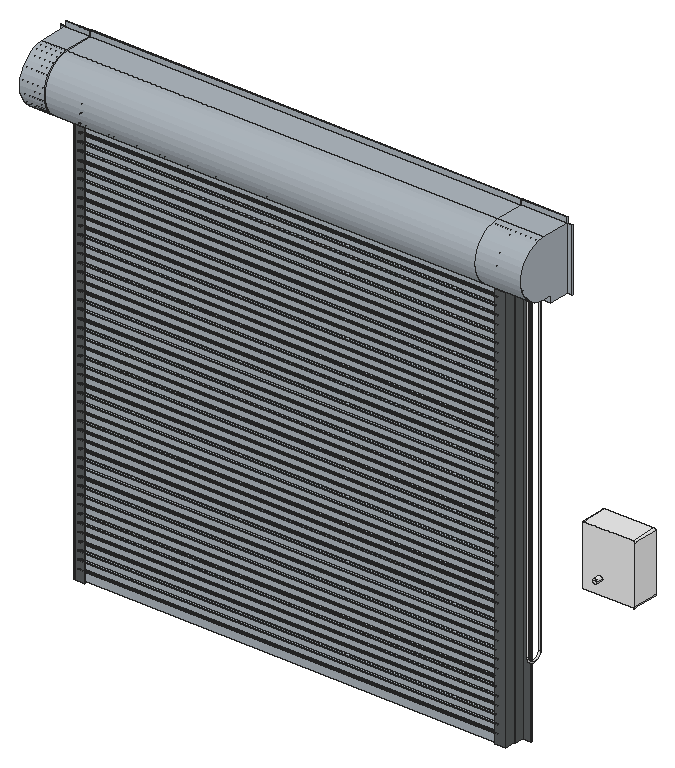
Revit family "Doors_Industrial_Wayne-Dalton_Advanced-Rolling-Door-System-Model-800-ADV", category Specialty Equipment, host Wall, Revit 2026 (continued)
Definition of nested family "Warning Sign"
  Lines and regions (in)
    model lines
      curve 8: arc (24.12041, 1, 0) -> (26.3817, 1, 1.30556) -> (26.3817, 1, 3.91667) r 2.61111
      curve 9: line (24.12041, 1, 1.30556) -> (-24.12041, 1, 1.30556)
      curve 10: line (-24.12041, 1, 0) -> (24.12041, 1, 0)
      curve 11: arc (-24.12041, 1, 1.30556) -> (-25.25106, 1, 1.95833) -> (-25.25106, 1, 3.26389) r 1.30556
      curve 12: arc (-26.3817, 1, 3.91667) -> (-26.3817, 1, 1.30556) -> (-24.12041, 1, 0) r 2.61111
      curve 13: arc (-2.29479, 1, 8.63537) -> (0, 1, 6.34057) -> (2.29479, 1, 8.63537) r 2.29479
      curve 14: arc (2.29479, 1, 8.63537) -> (0, 1, 10.93016) -> (-2.29479, 1, 8.63537) r 2.29479
      curve 15: arc (-1.6331, 1, 13.97069) -> (0.03439, 1, 12.53727) -> (1.69278, 1, 13.98121) r 1.68043
      curve 16: line (-3.77413, 1, 28.37873) -> (-1.6331, 1, 13.97069)
      curve 17: line (1.69278, 1, 13.98121) -> (3.73924, 1, 28.37873)
      curve 18: arc (3.73924, 1, 28.37873) -> (-0.01745, 1, 32.13541) -> (-3.77413, 1, 28.37873) r 3.75668
      curve 19: line (-2.26129, -0.5, 45.69444) -> (-26.3817, -0.5, 3.91667)
      curve 20: line (-25.25106, -0.5, 3.26389) -> (-1.13064, -0.5, 45.04167)
      curve 21: arc (2.26129, -0.5, 45.69444) -> (0, -0.5, 47) -> (-2.26129, -0.5, 45.69444) r 2.61111
      curve 22: arc (-1.13064, -0.5, 45.04167) -> (0, -0.5, 45.69444) -> (1.13064, -0.5, 45.04167) r 1.30556
      curve 23: line (1.13064, -0.5, 45.04167) -> (25.25106, -0.5, 3.26389)
      curve 24: line (26.3817, -0.5, 3.91667) -> (2.26129, -0.5, 45.69444)
      curve 25: arc (25.25106, -0.5, 3.26389) -> (25.25106, -0.5, 1.95833) -> (24.12041, -0.5, 1.30556) r 1.30556
      curve 26: arc (24.12041, -0.5, 0) -> (26.3817, -0.5, 1.30556) -> (26.3817, -0.5, 3.91667) r 2.61111
      curve 27: line (24.12041, -0.5, 1.30556) -> (-24.12041, -0.5, 1.30556)
      curve 28: line (-24.12041, -0.5, 0) -> (24.12041, -0.5, 0)
      curve 29: arc (-24.12041, -0.5, 1.30556) -> (-25.25106, -0.5, 1.95833) -> (-25.25106, -0.5, 3.26389) r 1.30556
      curve 30: arc (-26.3817, -0.5, 3.91667) -> (-26.3817, -0.5, 1.30556) -> (-24.12041, -0.5, 0) r 2.61111
      curve 31: arc (-2.29479, -0.5, 8.63537) -> (0, -0.5, 6.34057) -> (2.29479, -0.5, 8.63537) r 2.29479
      curve 32: arc (2.29479, -0.5, 8.63537) -> (0, -0.5, 10.93016) -> (-2.29479, -0.5, 8.63537) r 2.29479
      curve 33: arc (-1.6331, -0.5, 13.97069) -> (0.03439, -0.5, 12.53727) -> (1.69278, -0.5, 13.98121) r 1.68043
      curve 34: line (-3.77413, -0.5, 28.37873) -> (-1.6331, -0.5, 13.97069)
      curve 35: line (1.69278, -0.5, 13.98121) -> (3.73924, -0.5, 28.37873)
      curve 36: arc (3.73924, -0.5, 28.37873) -> (-0.01745, -0.5, 32.13541) -> (-3.77413, -0.5, 28.37873) r 3.75668
  Dimensions and locks (in)
    locked: plane 1 "Center (Front/Back)" to plane 4 at 0.5
    equal spacing: plane 1 "Center (Front/Back)", plane 7, plane 4
    locked: plane 4 to plane 6 at 0.5
    locked: plane 5 to plane 1 "Center (Front/Back)" at 0.5
    aligned and locked: plane 2 to level
  Automatic sketch dimensions
    curve 21 to curve 22 = 0"  (x2)
    curve 25 to curve 26 = 0"  (x2)
    curve 29 to curve 30 = 0"  (x2)
    curve 31 to curve 32 = 0"  (x2)
    curve 21 to plane 3 "Center (Left/Right)" = 0"
    curve 31 to plane 3 "Center (Left/Right)" = 0"
    curve 30 to level = 0"
    level to curve 27 = 1.30556"
    curve 26 to curve 27 = 1.30556"
    curve 29 to curve 27 = 1.30556"
    curve 23 to curve 25 = 0.65278"
    curve 20 to curve 29 = 0.65278"
    curve 24 to curve 23 = 0.65278"
    curve 19 to curve 20 = 0.65278"
    level to curve 32 = 8.63537"
    curve 34 to plane 3 "Center (Left/Right)" = 1.6331"
    curve 34 to curve 31 = 5.33532"
    plane 3 "Center (Left/Right)" to curve 35 = 1.69278"
    curve 35 to curve 34 = 0.01052"
    plane 3 "Center (Left/Right)" to curve 33 = 0.02908"
    curve 36 to plane 3 "Center (Left/Right)" = 0.01745"
    curve 36 to curve 33 = 14.16104"
    curve 22 to curve 36 = 16.01016"
    plane 3 "Center (Left/Right)" to curve 23 = 1.13064"
    curve 23 to curve 21 = 0.65278"
    curve 20 to plane 3 "Center (Left/Right)" = 1.13064"
    plane 3 "Center (Left/Right)" to curve 24 = 2.26129"
    curve 24 to curve 22 = 0.65278"
    curve 19 to plane 3 "Center (Left/Right)" = 2.26129"
    curve 34 to curve 36 = 3.75668"
    curve 30 to plane 3 "Center (Left/Right)" = 24.12041"
    plane 3 "Center (Left/Right)" to curve 25 = 24.12041"
    curve 31 to curve 31 = 2.29479"
    curve 3 to curve 4 = 0"  (x2)
    curve 7 to curve 8 = 0"  (x2)
    curve 11 to curve 12 = 0"  (x2)
    curve 13 to curve 14 = 0"  (x2)
    curve 3 to plane 3 "Center (Left/Right)" = 0"
    curve 13 to plane 3 "Center (Left/Right)" = 0"
    curve 12 to level = 0"
    level to curve 9 = 1.30556"
    curve 8 to curve 9 = 1.30556"
    curve 11 to curve 9 = 1.30556"
    curve 5 to curve 7 = 0.65278"
    curve 2 to curve 11 = 0.65278"
    curve 6 to curve 5 = 0.65278"
    curve 1 to curve 2 = 0.65278"
    level to curve 14 = 8.63537"
    curve 16 to plane 3 "Center (Left/Right)" = 1.6331"
    curve 16 to curve 13 = 5.33532"
    plane 3 "Center (Left/Right)" to curve 17 = 1.69278"
    curve 17 to curve 16 = 0.01052"
    plane 3 "Center (Left/Right)" to curve 15 = 0.02908"
    curve 18 to plane 3 "Center (Left/Right)" = 0.01745"
    curve 18 to curve 15 = 14.16104"
    curve 4 to curve 18 = 16.01016"
    plane 3 "Center (Left/Right)" to curve 5 = 1.13064"
    curve 5 to curve 3 = 0.65278"
    curve 2 to plane 3 "Center (Left/Right)" = 1.13064"
    plane 3 "Center (Left/Right)" to curve 6 = 2.26129"
    curve 6 to curve 4 = 0.65278"
    curve 1 to plane 3 "Center (Left/Right)" = 2.26129"
    curve 16 to curve 18 = 3.75668"
    curve 12 to plane 3 "Center (Left/Right)" = 24.12041"
    plane 3 "Center (Left/Right)" to curve 7 = 24.12041"
    curve 13 to curve 13 = 2.29479"
Types (6): name | Voltage | Number of Poles | Apparent Load Phase 3 | Apparent Load Phase 2 | Apparent Load Phase 1
  208 volts, one phase, 60 Hz (208-240V range) | 208 V | 1 | 0 VA | 0 VA | 4160 VA
  230 volts, three phase, 60 Hz (220-240V range) | 230 V | 3 | 2655.81 VA | 2655.81 VA | 2655.81 VA
  208 volts, three phase, 60 Hz (208-240V range) | 208 V | 3 | 2401.78 VA | 2401.78 VA | 2401.78 VA
  460 volts, three phase, 60 Hz (440-480V range) | 460 V | 3 | 5311.62 VA | 5311.62 VA | 5311.62 VA
  220 volts, one phase, 60 Hz (220-240V range) | 220 V | 1 | 0 VA | 0 VA | 4400 VA
  575 volts, three phase, 60 Hz | 460 V | 3 | 5311.62 VA | 5311.62 VA | 5311.62 VA
